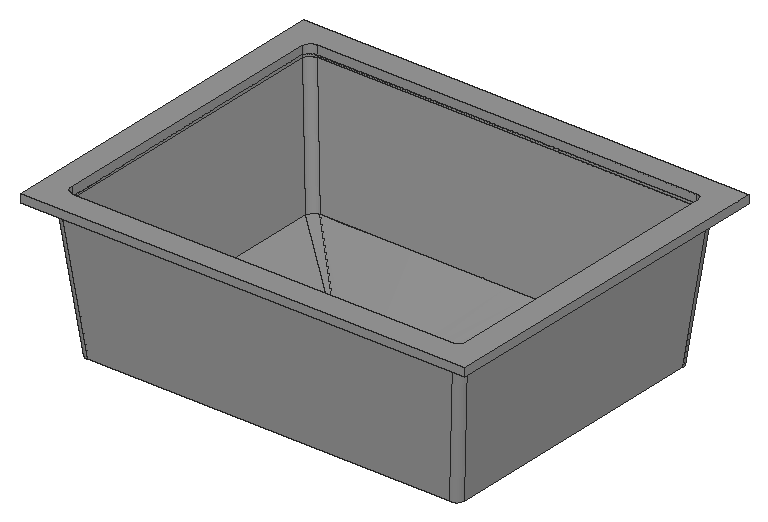
Revit family "BUILDMAT-SGQSSB03-Kenneth-Granite-Sink-Black", category Plumbing Fixtures, host Face, Revit 2026
Family settings
  Host = Face
  Round Connector Dimension = Use Diameter
  Part Type = Normal
  Enable Cutting in Views = Yes
  Cut with Voids When Loaded = Yes
  Maintain Annotation Orientation = No
  Shared = No
  Room Calculation Point = No
Parameters
  Width = 430 mm
  Sink_Material = BUILDMAT Matte Black Granite
  Length = 540 mm
  Drain_Material = BUILDMAT Stainless Steel
  Depth = 200 mm
  Default Elevation = 1219.2 mm
Reference planes
  plane 1 "Center (Front/Back)": y = 0
  plane 2: z = 0
  plane 3 "Center (Left/Right)": x = 0
  plane 4: y = 215
  plane 5: y = -215
  plane 6: x = -270
  plane 7: x = 270
  plane 8: x = -240
  plane 9: x = 240
  plane 10: y = 185
  plane 11: y = -185
  plane 12: z = 10
  plane 13: z = -170
  plane 14: z = -190
  plane 15: x = 222.5
  plane 16: x = -222.5
  plane 17: y = 167.5
  plane 18: y = -167.5
  plane 19: x = 57
  plane 20: x = -57
  plane 21: x = 45
  plane 22: x = -45
  plane 23: y = 57
  plane 24: y = 45
  plane 25: y = -45
  plane 26: y = -57
Forms (mm)
  Extrusion 1, solid, material "BUILDMAT Matte Black Granite" <- "Sink_Material"
    sketch origin (0, 0, 0) x (1, 0, 0) y (0, 1, 0)
      loop
        line (-270, 215) -> (-270, -215) -> (270, -215) -> (270, 215) -> (-270, 215)
      loop
        arc (-230, 185) -> (-237.071, 182.071) -> (-240, 175) r 10
        line (-240, 175) -> (-240, -175)
        arc (-240, -175) -> (-237.071, -182.071) -> (-230, -185) r 10
        line (-230, -185) -> (230, -185)
        arc (230, -185) -> (237.071, -182.071) -> (240, -175) r 10
        line (240, -175) -> (240, 175)
        arc (240, 175) -> (237.071, 182.071) -> (230, 185) r 10
        line (230, 185) -> (-230, 185)
    from 0 to 10
  Extrusion 2, void
    sketch origin (0, 0, 0) x (1, 0, 0) y (0, 1, 0)
      loop
        line (-258, 203) -> (-258, -203) -> (258, -203) -> (258, 203) -> (-258, 203)
    from -190 to 0
  Extrusion 3, solid, material "BUILDMAT Matte Black Granite" <- "Sink_Material"
    sketch origin (0, 0, 0) x (1, 0, 0) y (0, 1, 0)
      loop
        line (-258, 203) -> (-258, -203) -> (258, -203) -> (258, 203) -> (-258, 203)
      loop
        arc (-230, 185) -> (-237.071, 182.071) -> (-240, 175) r 10
        line (-240, 175) -> (-240, -175)
        arc (-240, -175) -> (-237.071, -182.071) -> (-230, -185) r 10
        line (-230, -185) -> (230, -185)
        arc (230, -185) -> (237.071, -182.071) -> (240, -175) r 10
        line (240, -175) -> (240, 175)
        arc (240, 175) -> (237.071, 182.071) -> (230, 185) r 10
        line (230, 185) -> (-230, 185)
    from -3 to 0
  SweptBlend 4, solid, material "BUILDMAT Matte Black Granite" <- "Sink_Material"
    path origin (0, 0, 0) x (1, 0, 0) y (0, 0, 1)
      loop
        line (0, -170) -> (0, -3)
    profile origin (0, 0, -170) x (-1, 0, 0) y (0, -1, 0)
      loop
        arc (220, -175) -> (227.071, -172.071) -> (230, -165) r 10
        line (230, -165) -> (230, 165)
        arc (230, 165) -> (227.071, 172.071) -> (220, 175) r 10
        line (220, 175) -> (-220, 175)
        arc (-220, 175) -> (-227.071, 172.071) -> (-230, 165) r 10
        line (-230, 165) -> (-230, -165)
        arc (-230, -165) -> (-227.071, -172.071) -> (-220, -175) r 10
        line (-220, -175) -> (220, -175)
    end profile origin (0, 0, -3) x (-1, 0, 0) y (0, -1, 0)
      loop
        arc (238, -193) -> (245.071, -190.071) -> (248, -183) r 10
        line (248, -183) -> (248, 183)
        arc (248, 183) -> (245.071, 190.071) -> (238, 193) r 10
        line (238, 193) -> (-238, 193)
        arc (-238, 193) -> (-245.071, 190.071) -> (-248, 183) r 10
        line (-248, 183) -> (-248, -183)
        arc (-248, -183) -> (-245.071, -190.071) -> (-238, -193) r 10
        line (-238, -193) -> (238, -193)
  SweptBlend 5, solid, material "BUILDMAT Matte Black Granite" <- "Sink_Material"
    path origin (0, 0, 0) x (1, 0, 0) y (0, 0, 1)
      loop
        line (0, -185) -> (0, -170)
    profile origin (0, 0, -185) x (-1, 0, 0) y (0, -1, 0)
      loop
        circle (0, 0) r 70
    end profile origin (0, 0, -170) x (-1, 0, 0) y (0, -1, 0)
      loop
        line (230, -165) -> (230, 165)
        arc (230, 165) -> (227.071, 172.071) -> (220, 175) r 10
        line (220, 175) -> (-220, 175)
        arc (-220, 175) -> (-227.071, 172.071) -> (-230, 165) r 10
        line (-230, 165) -> (-230, -165)
        arc (-230, -165) -> (-227.071, -172.071) -> (-220, -175) r 10
        line (-220, -175) -> (220, -175)
        arc (220, -175) -> (227.071, -172.071) -> (230, -165) r 10
  Revolve 6, solid, material "BUILDMAT Matte Black Granite" <- "Sink_Material"
    sketch origin (0, 0, 0) x (1, 0, 0) y (0, 0, 1)
      loop
        line (-70, -185) -> (-63, -190) -> (0, -190) -> (0, -185) -> (-70, -185)
      axis (0, -190) -> (0, -185)
    angle from 0 to 360
  Blend 7, void
    base sketch origin (0, 0, 0) x (1, 0, 0) y (0, 1, 0)
      loop
        arc (-212.5, 167.5) -> (-219.571, 164.571) -> (-222.5, 157.5) r 10
        line (-222.5, 157.5) -> (-222.5, -157.5)
        arc (-222.5, -157.5) -> (-219.571, -164.571) -> (-212.5, -167.5) r 10
        line (-212.5, -167.5) -> (212.5, -167.5)
        arc (212.5, -167.5) -> (219.571, -164.571) -> (222.5, -157.5) r 10
        line (222.5, -157.5) -> (222.5, 157.5)
        arc (222.5, 157.5) -> (219.571, 164.571) -> (212.5, 167.5) r 10
        line (212.5, 167.5) -> (-212.5, 167.5)
    top sketch origin (0, 0, 0) x (1, 0, 0) y (0, 1, 0)
      loop
        line (-240, 175) -> (-240, -175)
        arc (-240, -175) -> (-237.071, -182.071) -> (-230, -185) r 10
        line (-230, -185) -> (230, -185)
        arc (230, -185) -> (237.071, -182.071) -> (240, -175) r 10
        line (240, -175) -> (240, 175)
        arc (240, 175) -> (237.071, 182.071) -> (230, 185) r 10
        line (230, 185) -> (-230, 185)
        arc (-230, 185) -> (-237.071, 182.071) -> (-240, 175) r 10
    from -160 to -3
  Blend 8, void
    base sketch origin (0, 0, 0) x (1, 0, 0) y (0, 1, 0)
      loop
        circle (0, 0) r 57
    top sketch origin (0, 0, 0) x (1, 0, 0) y (0, 1, 0)
      loop
        arc (-212.5, 167.5) -> (-219.571, 164.571) -> (-222.5, 157.5) r 10
        line (-222.5, 157.5) -> (-222.5, -157.5)
        arc (-222.5, -157.5) -> (-219.571, -164.571) -> (-212.5, -167.5) r 10
        line (-212.5, -167.5) -> (212.5, -167.5)
        arc (212.5, -167.5) -> (219.571, -164.571) -> (222.5, -157.5) r 10
        line (222.5, -157.5) -> (222.5, 157.5)
        arc (222.5, 157.5) -> (219.571, 164.571) -> (212.5, 167.5) r 10
        line (212.5, 167.5) -> (-212.5, 167.5)
    from -170 to -160
  Revolve 9, void
    sketch origin (0, 0, 0) x (1, 0, 0) y (0, 0, 1)
      loop
        line (0, -170) -> (-57, -170) -> (-57, -175) -> (-45, -175) -> (-45, -190) -> (0, -190) -> (0, -170)
      axis (0, -170) -> (0, -190)
    angle from 0 to 360
  Revolve 10, solid, material "BUILDMAT Stainless Steel" <- "Drain_Material"
    sketch origin (-229.098, 0, 1239.2) x (-1, 0, 0) y (0, 0, 1)
      loop
        line (-184.098, -1419.2) -> (-172.098, -1419.2) -> (-172.098, -1409.2) -> (-182.098, -1409.2)
        arc (-182.098, -1409.2) -> (-183.512, -1409.786) -> (-184.098, -1411.2) r 2
        line (-184.098, -1411.2) -> (-184.098, -1419.2)
      axis (-229.098, -1409.2) -> (-229.098, -1419.2)
    angle from 0 to 360
  Revolve 11, solid, material "BUILDMAT Stainless Steel" <- "Drain_Material"
    sketch origin (-229.098, 0, 1239.2) x (-1, 0, 0) y (0, 0, 1)
      loop
        line (-184.098, -1411.2) -> (-186.098, -1411.2)
        spline (-186.098, -1411.2) -> (-186.465, -1411.853) -> (-187.563, -1412.494) -> (-189.371, -1413.113) -> (-191.858, -1413.7) -> (-194.983, -1414.244) -> (-198.692, -1414.736) -> (-202.921, -1415.167) -> (-207.598, -1415.53) -> (-212.642, -1415.819) -> (-217.968, -1416.03) -> (-223.485, -1416.157) -> (-229.098, -1416.2)
        line (-229.098, -1416.2) -> (-229.098, -1419.2) -> (-184.098, -1419.2) -> (-184.098, -1411.2)
      axis (-229.098, -1411.2) -> (-229.098, -1419.2)
    angle from 0 to 360
Cuts and joins
  Extrusion 2 cuts Extrusion 1
  Blend 7, Blend 8, Revolve 9 cuts SweptBlend 4
  Blend 7, Blend 8, Revolve 9 cuts SweptBlend 5
  Revolve 9 cuts Revolve 6
  joined: SweptBlend 4, SweptBlend 5, Revolve 6
Text (mm)
  text "Refer to www.buildmat.com.au for the most current product literature. \nAllow a +/- 5mm tolerance for dimensions shown in the product literature. \nPlease note product details are subject to change due to ongoing product development." at (0.056, -1035.857, 0), in view "Ref. Level"
Dimensions and locks
  "Width": plane 4 to plane 5
  "Length": plane 6 to plane 7
  plane 4 to plane 10 to plane 11 to plane 5 = 30 mm, 370 mm, 30 mm
  cut or joined group of Extrusion 1, Extrusion 2 to cut or joined group of Extrusion 1, Extrusion 2 to cut or joined group of Extrusion 1, Extrusion 2 to cut or joined group of Extrusion 1, Extrusion 2 = 30 mm, 480 mm, 30 mm
  plane 16 to plane 15 = 445 mm
  plane 17 to plane 18 = 335 mm
  "Depth": plane 12 to plane 14
  plane 12 to plane 13 = 180 mm
  plane 12 to host face = 10 mm
  plane 20 to plane 19 = 114 mm
  plane 22 to plane 21 = 90 mm
  aligned and locked: plane 2 to host face
  aligned and locked: level to host face
Automatic sketch dimensions
  host sketch curve to host sketch curve = 2438.4 mm  (x2)
  plane 5 to Extrusion 1 sketch curve = 0 mm
  Extrusion 1 sketch curve to plane 6 = 0 mm
  Extrusion 1 sketch curve to plane 8 = 0 mm
  Extrusion 1 sketch curve to plane 10 = 0 mm
  plane 11 to Extrusion 1 sketch curve = 0 mm
  Extrusion 1 sketch curve to plane 9 = 0 mm
  Extrusion 1 sketch curve to plane 7 = 0 mm
  Extrusion 1 sketch curve to plane 4 = 0 mm
  Extrusion 1 sketch curve to plane 16 = 7.5 mm  (x2)
  Extrusion 1 sketch curve to plane 15 = 7.5 mm  (x2)
  plane 6 to Extrusion 2 sketch curve = 12 mm
  plane 7 to Extrusion 2 sketch curve = 12 mm
  Extrusion 2 sketch curve to plane 5 = 12 mm
  Extrusion 2 sketch curve to plane 4 = 12 mm
  Extrusion 3 sketch curve to plane 8 = 0 mm
  Extrusion 3 sketch curve to plane 10 = 0 mm
  plane 11 to Extrusion 3 sketch curve = 0 mm
  Extrusion 3 sketch curve to plane 9 = 0 mm
  plane 6 to Extrusion 3 sketch curve = 12 mm
  Extrusion 3 sketch curve to plane 16 = 7.5 mm  (x2)
  Extrusion 3 sketch curve to plane 15 = 7.5 mm  (x2)
  plane 7 to Extrusion 3 sketch curve = 12 mm
  Extrusion 3 sketch curve to plane 5 = 12 mm
  Extrusion 3 sketch curve to plane 4 = 12 mm
  SweptBlend 4 sketch curve to plane 3 "Center (Left/Right)" = 0 mm
  SweptBlend 4 sketch curve to plane 13 = 0 mm
  SweptBlend 4 sketch curve to level = 3 mm
  profile plane to SweptBlend 4 sketch curve = 230 mm
  SweptBlend 4 sketch curve to SweptBlend 4 sketch curve = 10 mm  (x6)
  SweptBlend 4 sketch curve to profile plane = 220 mm  (x2)
  SweptBlend 4 sketch curve to plane 1 "Center (Front/Back)" = 175 mm
  plane 1 "Center (Front/Back)" to SweptBlend 4 sketch curve = 165 mm
  profile plane to SweptBlend 4 sketch curve = 248 mm
  SweptBlend 4 sketch curve to profile plane = 238 mm  (x2)
  SweptBlend 4 sketch curve to plane 1 "Center (Front/Back)" = 193 mm
  plane 1 "Center (Front/Back)" to SweptBlend 4 sketch curve = 183 mm
  SweptBlend 5 sketch curve to plane 3 "Center (Left/Right)" = 0 mm
  SweptBlend 5 sketch curve to plane 13 = 0 mm
  plane 14 to SweptBlend 5 sketch curve = 5 mm
  plane 1 "Center (Front/Back)" to SweptBlend 5 sketch curve = 0 mm
  SweptBlend 5 sketch curve to profile plane = 0 mm
  profile plane to SweptBlend 5 sketch curve = 230 mm
  SweptBlend 5 sketch curve to SweptBlend 5 sketch curve = 10 mm  (x3)
  SweptBlend 5 sketch curve to profile plane = 220 mm  (x2)
  SweptBlend 5 sketch curve to plane 1 "Center (Front/Back)" = 175 mm
  plane 1 "Center (Front/Back)" to SweptBlend 5 sketch curve = 165 mm
  Revolve 6 sketch curve to plane 14 = 0 mm  (x2)
  Revolve 6 sketch curve to plane 3 "Center (Left/Right)" = 0 mm  (x2)
  Revolve 6 sketch curve to plane 20 = 6 mm
  plane 14 to Revolve 6 sketch curve = 5 mm
  Revolve 6 sketch curve to Revolve 6 sketch curve = 7 mm
  Revolve 6 sketch curve to Revolve 6 sketch curve = 0 mm
  Blend 7 sketch curve to plane 16 = 0 mm
  plane 18 to Blend 7 sketch curve = 0 mm
  Blend 7 sketch curve to plane 17 = 0 mm
  Blend 7 sketch curve to plane 15 = 0 mm
  plane 16 to Blend 7 sketch curve = 10 mm  (x2)
  plane 15 to Blend 7 sketch curve = 10 mm  (x2)
  Blend 7 sketch curve to plane 8 = 0 mm
  Blend 7 sketch curve to plane 10 = 0 mm
  plane 11 to Blend 7 sketch curve = 0 mm
  Blend 7 sketch curve to plane 9 = 0 mm
  Blend 7 sketch curve to plane 16 = 7.5 mm  (x2)
  Blend 7 sketch curve to plane 15 = 7.5 mm  (x2)
  plane 1 "Center (Front/Back)" to Blend 8 sketch curve = 0 mm
  Blend 8 sketch curve to plane 3 "Center (Left/Right)" = 0 mm
  Blend 8 sketch curve to plane 16 = 0 mm
  Blend 8 sketch curve to plane 17 = 0 mm
  plane 18 to Blend 8 sketch curve = 0 mm
  Blend 8 sketch curve to plane 15 = 0 mm
  plane 16 to Blend 8 sketch curve = 10 mm  (x2)
  plane 15 to Blend 8 sketch curve = 10 mm  (x2)
  Revolve 9 sketch curve to plane 13 = 0 mm  (x2)
  Revolve 9 sketch curve to plane 20 = 0 mm
  Revolve 9 sketch curve to plane 14 = 0 mm  (x2)
  plane 22 to Revolve 9 sketch curve = 0 mm
  Revolve 9 sketch curve to plane 3 "Center (Left/Right)" = 0 mm  (x2)
  Revolve 9 sketch curve to plane 13 = 5 mm
  Revolve 10 sketch curve to plane 3 "Center (Left/Right)" = 0 mm
  plane 22 to Revolve 10 sketch curve = 0 mm
  Revolve 10 sketch curve to plane 13 = 0 mm
  Revolve 10 sketch curve to plane 20 = 0 mm
  plane 22 to Revolve 10 sketch curve = 2 mm
  Revolve 10 sketch curve to Revolve 10 sketch curve = 8 mm
  Revolve 10 sketch curve to plane 14 = 16.089 mm
  plane 13 to Revolve 10 sketch curve = 33.911 mm
  Revolve 11 sketch curve to plane 3 "Center (Left/Right)" = 0 mm  (x2)
  plane 22 to Revolve 11 sketch curve = 0 mm
  Revolve 11 sketch curve to Revolve 11 sketch curve = 2 mm
  Revolve 11 sketch curve to plane 13 = 10 mm
  Revolve 11 sketch curve to Revolve 11 sketch curve = 3 mm
  Revolve 11 sketch curve to plane 13 = 2 mm
  Revolve 11 sketch curve to plane 14 = 17.809 mm
  plane 13 to Revolve 11 sketch curve = 29.46 mm
  radius of SweptBlend 5 sketch curve = 70 mm
  radius of Blend 8 sketch curve = 57 mm
